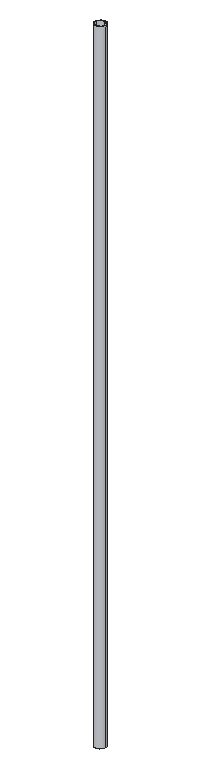
Revit family "Distanzrohr", category HLS-Bauteile, Revit 2017
Family settings
  Bemaßung runder Anschluss = Durchmesser verwenden
  Teiletyp = Normal
  Arbeitsebenenbasiert = Ja
  Immer vertikal = Nein
  Beim Laden mit Abzugskörper schneiden = Nein
  Gemeinsam genutzt = Ja
  Raumberechnungspunkt = Nein
Parameters (values of type "Distanzrohr 1" 2000 mm")
  vpe = "10"
  Default Elevation = 1219.2 mm
  Regelhalter [instance] = ""
  Montagelänge [instance] = 2000 mm
  Mengeneinheit = "m"
  Material = "Stahl"
  Länge = 2000 mm
  Kurztext2 = "Länge 2000 mm gvz"
  Kurztext1 = "Distanzrohr 1\""
  Gewinde = "1''"
  Gewicht pro Stück [instance] = (Gewicht * Montagelänge / (1000 mm * 1000)) * 1000  # 4.508 kg
  Gewicht pro Bauteil [instance] = Gewicht pro Stück  # 4.508 kg
  Gewicht = 2.254 kg
  Firma = "MEFA Befestigungs- und Montagesysteme GmbH"
  Festigkeitsklasse = ""
  Fabrikat = "MEFA"
  EAN = "4250928416988"
  D0 = 27.2 mm
  D = 33.3 mm
  Artikelnummer = "0737004"
Types (3, lengths in mm): name | vpe | Kurztext1 | Gewinde | Gewicht pro Stück | Gewicht pro Bauteil | Gewicht | EAN | D0 | D | Artikelnummer
  (no name) | "10" | "Distanzrohr 1\"" | "1''" | 4.508 kg | 4.508 kg | 2.254 kg | "4250928416988" | 27.2 | 33.3 | "0737004"
  Distanzrohr 1/2" 2000 mm | "20" | "Distanzrohr 1/2\"" | "1/2''" | 2.258 kg | 2.258 kg | 1.129 kg | "4250928416957" | 16 | 21 | "0737002"
  Distanzrohr 1" 2000 mm | "10" | "Distanzrohr 1\"" | "1''" | 4.508 kg | 4.508 kg | 2.254 kg | "4250928416988" | 27.2 | 33.3 | "0737004"
Reference planes
  plane 1 "Mitte (Vorne/hinten)": y = 0
  plane 2: z = 0
  plane 3 "Mitte (Links/rechts)": x = 0
  plane 4: z = 2000
Forms (mm)
  Extrusion 1, solid
    sketch origin (0, 0, 0) x (1, 0, 0) y (0, 1, 0)
      loop
        circle (0, 0) r 16.65
    from 0 to 2000 <- "Montagelänge"
  Extrusion 2, void
    sketch origin (0, 0, 0) x (1, 0, 0) y (0, 1, 0)
      loop
        circle (0, 0) r 13.6
    from 0 to 2000 <- "Montagelänge"
Cuts and joins
  Extrusion 2 cuts Extrusion 1
Lines and regions (mm)
  model lines, not visible
    curve 1: line (17.5, 0, 2000) -> (-17.5, 0, 2000)
    curve 2: line (0, 17.5, 2000) -> (0, -17.5, 2000)
    curve 3: line (0, 17.5, 0) -> (0, -17.5, 0)
    curve 4: line (17.5, 0, 0) -> (-17.5, 0, 0)
    curve 5: line (0, 0, 2027.337) -> (0, 0, -37.663)
Dimensions and locks
  "Montagelänge": level to plane 4
  "D": diameter of Extrusion 1 sketch curve
  "D0": diameter of Extrusion 2 sketch curve
  aligned and locked: level to plane 2
  aligned and locked: Extrusion 1 to level
  aligned and locked: Extrusion 1 to curve 1
  aligned and locked: plane 4 to Extrusion 1
  aligned and locked: curve 2 to plane 4
  aligned and locked: curve 3 to level
  aligned and locked: plane 3 "Mitte (Links/rechts)" to curve 5
  aligned and locked: curve 5 to plane 1 "Mitte (Vorne/hinten)"
  aligned and locked: Extrusion 1 to Extrusion 2
  aligned and locked: Extrusion 2 to level
Automatic sketch dimensions
  plane 1 "Mitte (Vorne/hinten)" to curve 2 = 17.5 mm
  plane 1 "Mitte (Vorne/hinten)" to curve 3 = 17.5 mm
  curve 3 to plane 1 "Mitte (Vorne/hinten)" = 17.5 mm
  curve 2 to plane 1 "Mitte (Vorne/hinten)" = 17.5 mm
  curve 3 to level = 0 mm
  curve 4 to level = 0 mm
  curve 4 to plane 3 "Mitte (Links/rechts)" = 17.5 mm
  curve 1 to plane 3 "Mitte (Links/rechts)" = 17.5 mm
  plane 3 "Mitte (Links/rechts)" to curve 4 = 17.5 mm
  plane 3 "Mitte (Links/rechts)" to curve 1 = 17.5 mm
  curve 5 to level = 37.663 mm
  plane 4 to curve 5 = 27.337 mm
  plane 1 "Mitte (Vorne/hinten)" to Extrusion 1 sketch curve = 0 mm
  Extrusion 1 sketch curve to plane 3 "Mitte (Links/rechts)" = 0 mm
  plane 1 "Mitte (Vorne/hinten)" to Extrusion 2 sketch curve = 0 mm
  Extrusion 2 sketch curve to plane 3 "Mitte (Links/rechts)" = 0 mm
